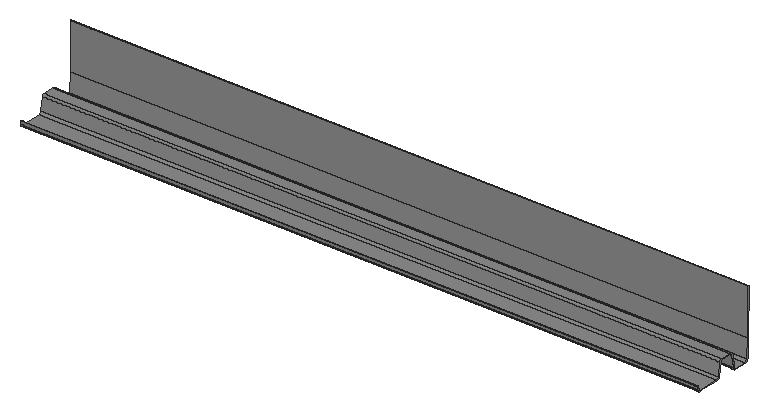
Revit family "Nedsale_verholengoot type 140-150_Face Based_2015", category Generic Models, host Face, Revit 2015
Parameters (values of type "standaard_1500")
  gootlengte = 1500 mm
  URL = "www.w3d-tekenbureau.nl"
  Type Comments = "1500"
  Sparingshoogte [instance] = 100 mm
  Sparingsbreedte [instance] = 100 mm
  Sparing_verlenging_B [instance] = 150 mm
  Sparing_verlenging_A [instance] = 150 mm
  Model = "140-150"
  Manufacturer = "Nedsale BV"
  Diepte in dak [instance] = 80 mm
  Description = "Verholen goot"
  Default Elevation = 0 mm
Types (3, lengths in mm): name | gootlengte | Type Comments
  (no name) | 1500 | "1500"
  standaard_1500 | 1500 | "1500"
  passtuk_1000 | 1000 | "1000"
Reference planes
  plane 1 "Center (Front/Back)": y = 0
  plane 2: z = 0
  plane 3 "Center (Left/Right)": x = 0
  plane 4: x = 1500
  plane 5: y = -140
  plane 6: z = -80
  plane 7: z = 70
  plane 8: y = -100
  plane 9: z = 20
  plane 10: x = 1650
  plane 11: x = -150
Forms (mm)
  Extrusion 1, solid, material "virgin PVC"
    sketch origin (0, 0, 0) x (0, 1, 0) y (0, 0, 1)
      loop
        arc (-3.952, -72.45) -> (-5.181, -76.122) -> (-7.984, -78.795) r 8.045
        line (-7.984, -78.795) -> (-34.278, -78.795)
        arc (-34.278, -78.795) -> (-37.428, -77.736) -> (-39.298, -74.989) r 5.214
        line (-39.298, -74.989) -> (-43.504, -47.487)
        arc (-43.504, -47.487) -> (-45.588, -43.938) -> (-49.542, -42.795) r 5.559
        line (-49.542, -42.795) -> (-73.719, -42.795)
        arc (-73.719, -42.795) -> (-76.725, -43.975) -> (-78.127, -46.885) r 4.421
        line (-78.127, -46.885) -> (-82.057, -74.063)
        arc (-82.057, -74.063) -> (-83.82, -77.372) -> (-87.289, -78.795) r 5.528
        line (-87.289, -78.795) -> (-134.07, -78.795)
        arc (-134.07, -78.795) -> (-136.584, -77.842) -> (-137.833, -75.462) r 3.791
        line (-137.833, -75.462) -> (-138.811, -68.317) -> (-140, -68.48) -> (-139.028, -75.581)
        arc (-139.028, -75.581) -> (-137.391, -78.735) -> (-134.07, -80) r 4.991
        line (-134.07, -80) -> (-87.527, -80)
        arc (-87.527, -80) -> (-83.124, -78.359) -> (-80.869, -74.235) r 6.728
        line (-80.869, -74.235) -> (-76.933, -47.012)
        arc (-76.933, -47.012) -> (-75.923, -44.867) -> (-73.719, -43.995) r 3.221
        line (-73.719, -43.995) -> (-49.48, -43.995)
        arc (-49.48, -43.995) -> (-46.347, -44.869) -> (-44.691, -47.668) r 4.359
        line (-44.691, -47.668) -> (-40.472, -75.251)
        arc (-40.472, -75.251) -> (-38.18, -78.676) -> (-34.278, -80) r 6.414
        line (-34.278, -80) -> (-7.687, -80)
        arc (-7.687, -80) -> (-4.261, -76.908) -> (-2.756, -72.546) r 9.245
        line (-2.756, -72.546) -> (0, -32.16) -> (0, 70) -> (-1.2, 70) -> (-1.2, -32.112) -> (-3.952, -72.45)
    from 0 to 1500
  Extrusion 2, void
    sketch origin (0, 0, 0) x (0, 1, 0) y (0, 0, 1)
      loop
        line (0, 20) -> (-100, 20) -> (-100, -80) -> (0, -80) -> (0, 20)
    from -150 to 1650
Dimensions and locks
  "gootlengte": plane 3 "Center (Left/Right)" to plane 4
  locked: plane 5 to plane 1 "Center (Front/Back)" at 140
  "Diepte in dak": level to plane 6
  locked: plane 7 to plane 6 at 150
  "Sparingsbreedte": plane 1 "Center (Front/Back)" to plane 8
  "Sparingshoogte": plane 9 to plane 6
  "Sparing_verlenging_A": plane 11 to plane 3 "Center (Left/Right)"
  "Sparing_verlenging_B": plane 4 to plane 10
  aligned and locked: host face to plane 2
  aligned and locked: host face to level
  aligned and locked: plane 6 to Extrusion 1 sketch curve  (x2)
  aligned and locked: plane 5 to Extrusion 1 sketch curve
  aligned and locked: plane 4 to Extrusion 1
  aligned and locked: Extrusion 1 to plane 3 "Center (Left/Right)"
  aligned and locked: plane 6 to Extrusion 2 sketch curve
  aligned and locked: Extrusion 2 sketch curve to plane 8
  aligned and locked: Extrusion 2 sketch curve to plane 9
  aligned and locked: plane 1 "Center (Front/Back)" to Extrusion 2 sketch curve
  aligned and locked: plane 10 to Extrusion 2
  aligned and locked: Extrusion 2 to plane 11
Automatic sketch dimensions
  host sketch curve to host sketch curve = 3719.69 mm
  host sketch curve to host sketch curve = 2438.4 mm
  Extrusion 1 sketch curve to Extrusion 1 sketch curve = 0 mm  (x10)
  Extrusion 1 sketch curve to Extrusion 1 sketch curve = 0.005 mm  (x2)
  Extrusion 1 sketch curve to plane 1 "Center (Front/Back)" = 0 mm
  Extrusion 1 sketch curve to plane 5 = 0.972 mm
  Extrusion 1 sketch curve to plane 5 = 1.189 mm
  Extrusion 1 sketch curve to Extrusion 1 sketch curve = 1.195 mm
  Extrusion 1 sketch curve to Extrusion 1 sketch curve = 3.763 mm
  Extrusion 1 sketch curve to Extrusion 1 sketch curve = 46.543 mm
  Extrusion 1 sketch curve to Extrusion 1 sketch curve = 0.238 mm
  plane 6 to Extrusion 1 sketch curve = 5.937 mm
  Extrusion 1 sketch curve to Extrusion 1 sketch curve = 5.471 mm
  plane 6 to Extrusion 1 sketch curve = 5.765 mm
  Extrusion 1 sketch curve to Extrusion 1 sketch curve = 1.188 mm
  Extrusion 1 sketch curve to Extrusion 1 sketch curve = 3.93 mm
  plane 6 to Extrusion 1 sketch curve = 32.988 mm
  Extrusion 1 sketch curve to Extrusion 1 sketch curve = 1.194 mm
  Extrusion 1 sketch curve to Extrusion 1 sketch curve = 3.215 mm
  Extrusion 1 sketch curve to Extrusion 1 sketch curve = 24.177 mm
  Extrusion 1 sketch curve to Extrusion 1 sketch curve = 0.062 mm
  Extrusion 1 sketch curve to Extrusion 1 sketch curve = 0.48 mm
  Extrusion 1 sketch curve to Extrusion 1 sketch curve = 4.309 mm
  plane 6 to Extrusion 1 sketch curve = 32.513 mm
  Extrusion 1 sketch curve to Extrusion 1 sketch curve = 1.186 mm
  plane 6 to Extrusion 1 sketch curve = 4.749 mm
  Extrusion 1 sketch curve to Extrusion 1 sketch curve = 4.219 mm
  plane 6 to Extrusion 1 sketch curve = 5.011 mm
  Extrusion 1 sketch curve to Extrusion 1 sketch curve = 1.174 mm
  plane 1 "Center (Front/Back)" to Extrusion 1 sketch curve = 11.971 mm
  plane 6 to Extrusion 1 sketch curve = 1.205 mm
  plane 1 "Center (Front/Back)" to Extrusion 1 sketch curve = 7.984 mm
  Extrusion 1 sketch curve to Extrusion 1 sketch curve = 0.297 mm
  plane 1 "Center (Front/Back)" to Extrusion 1 sketch curve = 3.952 mm
  Extrusion 1 sketch curve to Extrusion 1 sketch curve = 1.196 mm
  plane 1 "Center (Front/Back)" to Extrusion 1 sketch curve = 1.2 mm
  plane 6 to Extrusion 1 sketch curve = 4.419 mm
  plane 6 to Extrusion 1 sketch curve = 7.454 mm
  Extrusion 1 sketch curve to Extrusion 1 sketch curve = 0.84 mm
  Extrusion 1 sketch curve to Extrusion 1 sketch curve = 0.181 mm
  Extrusion 1 sketch curve to Extrusion 1 sketch curve = 40.386 mm
  Extrusion 1 sketch curve to Extrusion 1 sketch curve = 0.048 mm
  plane 7 to Extrusion 1 sketch curve = 0 mm
